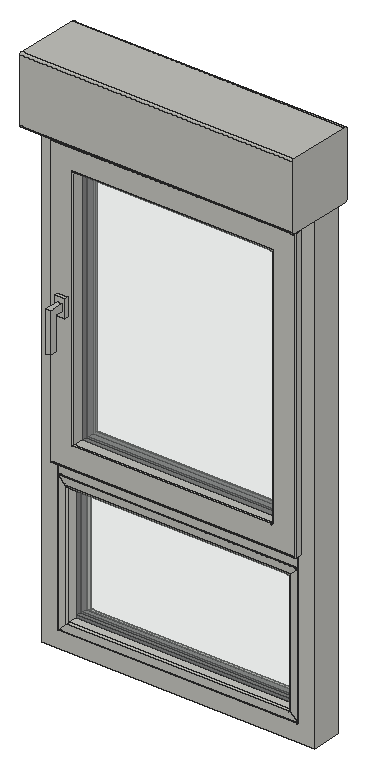
Revit family "2021_ES_Ventana_Replus_RE80-PVC-i30-11100_Cajon-Persiana", category Windows, host Wall, Revit 2021
Family settings
  Host = Wall
  OmniClass Number = 23.30.20.00
  OmniClass Title = Windows
  Always vertical = Yes
  Cut with Voids When Loaded = No
  Shared = No
  Room Calculation Point = No
Parameters (values of type "11100")
  Ι_Wll Thcknss [instance] = 200.000 mm
  Ι_Wdth Cntrl = if(Width < 429.000 mm, 429.000 mm, if(Width > 1514.000 mm, 1514.000 mm, Width))  # 750.000 mm
  Ι_Ssh Wdth = Ι_Wdth Cntrl - 2 * 36.800 mm  # 676.400 mm
  Ι_Ssh Hght = if(Altura de hoja < 165.000 mm, 165.000 mm, if(Altura de hoja > Ι_Hght Cntrl - 2.000 mm * 36.8 - Ι_Fxd Hght - 17.700 mm + 40.000 mm, Ι_Hght Cntrl - 2.000 mm * 36.8 - Ι_Fxd Hght - 17.700 mm + 40.000 mm, Ι_Hght Cntrl - 2.000 mm * 36.8 - Ι_Fxd Hght - 17.700 mm + 40.000 mm))  # 799.700 mm
  Ι_Nst Cntrl [instance] = if(Retranqueo > Ι_Wll Thcknss - 80.000 mm, Ι_Wll Thcknss - 80.000 mm, if(Retranqueo = Ι_Wll Thcknss - 80.000 mm, Ι_Wll Thcknss - 80.000 mm, Retranqueo))  # 0.000 mm
  Ι_Hndl Hght Cntrl = if(Altura de Manilla < 120.000 mm, 120.000 mm, if(Altura de Manilla > Ι_Ssh Hght - 50.000 mm, Ι_Ssh Hght - 50.000 mm, Altura de Manilla))  # 400.000 mm
  Ι_Hght Cntrl = if(Height < 429.000 mm, 429.000 mm, if(Height > 2658.000 mm, 2658.000 mm, Height))  # 1300.000 mm
  Ι_Fxd Hght Cntrl = Ι_Hght Cntrl - Ι_Ssh Hght - 51.000 mm  # 449.300 mm
  Ι_Fxd Hght = if((Ι_Hght Cntrl - Altura de hoja - 51.000 mm) < 173.000 mm, 173.000 mm, Ι_Hght Cntrl - Altura de hoja - 51.000 mm)  # 449.000 mm
  Ι_Frm Wdth Cntrl = Ι_Wdth Cntrl  # 750.000 mm
  Ι_Frm Hght Cntrl = Ι_Hght Cntrl  # 1300.000 mm
  Zona = ""
  Visibilidad Líneas Apertura - Planta = yes
  Visibilidad Líneas Apertura - Alzado = yes
  Vida Util Esperada = ""
  Version Estandar GDO-BIM = "GDO-BIM V02"  # constant formula
  Version = "RVT2021"  # constant formula
  Verano de transmitancia termica = 0
  Unidad Medicion = ""
  Unidad = ""
  Uniclass2015 Titulo = ""
  Uniclass2015 Codigo = ""
  URL de Declaracion de Prestaciones = ""
  URL Producto = "https://replus.es/bim/"
  URL Perfil BIM = "https://bimetica.com/es/objeto-bim-replus-ventana-re80-pvc-i30-1-hoja-oscilobatiente-fijo-inferior-cajon-persiana-11102.html"
  URL = "https://replus.es/"
  UNSPSC Titulo = "Windows"  # constant formula
  UNSPSC Codigo = "30171600"  # constant formula
  Transmitancia termica invierno = 0
  Transmitancia solar = 0
  Transmitancia de ganancia de calor solar = 0
  Transmision de luz visible = 0
  Titular = "Regicarp, S.L."  # constant formula
  Tipo Embalaje Proteccion = ""
  Tiene antepecho interno = no
  Tiene antepecho externo = no
  Tiempo Util De Vida = ""
  Tiempo Medio Entre Fallos = ""
  Telefono Contacto = "+34 966544310"  # constant formula
  Soporte tecnico BIM = "https://bimsupport.info/es/fabricantes/regicarp-replus-bim/"
  Sistema = ""
  Serie = ""
  Responsable Seguridad = ""
  Responsable Prescripcion = ""
  Responsable Compra = ""
  Residuos Peligrosos por Unidad = 0
  Residuos No Peligrosos por Unidad = 0
  Residuo Radioactivo por Unidad = 0
  Residuo Inerte por Unidad = 0
  Reflectancia solar = 0
  Reflectancia de luz visible = 0
  Referencia Unidad Funcional = ""
  Referencia Lote = ""
  Referencia Contacto Soporte Tecnico = ""
  Referencia Contacto Comercial Venta = ""
  Referencia = "RE 80/PVC/i30"
  Punto de Contacto = ""
  Proteccion con Malla = no
  Plataforma descaga contenido BIM = "www.bimetica.com"
  Periodo Garantia = ""
  Partida URL = ""
  Pais de Venta = ""
  Omniclass Titulo = "Plastic Windows"  # constant formula
  Omniclass Codigo = "23-17 13 17"  # constant formula
  Numero de Licencia = "XXXXXXXX8182 / No-aportada por bimboject AB (anterior)"  # constant formula
  Numero de Declaracion de Prestaciones = ""
  Numero Serie = ""
  Numero Articulo Global Comercial = ""
  Numero Articulo = ""
  Nivel de Riesgo = ""
  Material Envoltura = ""
  Material Contenedor = ""
  Material = PVC - Replus - 9152 - White
  Masterformat Titulo = "Plastic Windows"  # constant formula
  Masterformat Codigo = "08 53 00"  # constant formula
  Marcado CE = no
  Mantenimiento = ""
  Lugar Ensamblaje = ""
  Instrucciones Especiales = ""
  Informacion Tecnica = ""
  IfcExportType = "Oscilobatiente"
  IfcExportAs = "IfcWindow"  # constant formula
  Identificador Garantia = ""
  Historial = "(RVT2021) Actualización GDO-BIM (RVT2015) Creacion de Elemento"  # constant formula
  Gubimclass Titulo = "Ventanas de fachadas"  # constant formula
  Gubimclass Codigo = "30.10.20.10"  # constant formula
  Gas de Relleno = ""
  Garantia Extendida = no
  Fuente Datos LCA = ""
  Formacion Fotoquimica Ozono por Unidad = 0
  Fecha Vencimiento Elemento BIM = ""
  Fecha Suministro = ""
  Fecha Inicio Garantia = ""
  Fecha Fin Garantia = ""
  Fecha Evaluacion = ""
  Fecha Emision Elemento BIM = ""
  Fecha Compra = ""
  Fecha Colocacion = ""
  Fase Ciclo Vida = ""
  Falta de Recursos por Unidad = 0
  Exclusiones = ""
  Eutrofizacion por Unidad = 0
  Etiqueta Modelo = ""
  Estandar seguridad = ""
  Espesor de vidrio 3 = 0.000 mm
  Espesor de vidrio 2 = 0.000 mm
  Espesor de vidrio 1 = 0.000 mm
  Espacio libre acceso = 0.000 mm
  Espacio = ""
  Es templado = no
  Es recubierto = no
  Es laminado = no
  Es Exterior = yes
  Es Accesible = no
  Energia consumida = 0
  Energia Renovable Consumida por Unidad = 0
  Energia Primaria Total Consumida por Unidad = 0
  Energia No Renovable Consumida por Unidad = 0
  Email Contacto = "info@replus.es"  # constant formula
  Destruccion Capa Ozono Estratosferica por Unidad = 0
  Descripcion Evaluacion = ""
  Dependiente De = ""
  Declaracion Ambiental de Producto URL = ""
  Creditos LEED = ""
  Creditos BREEAM = ""
  Coste Mantenimiento = 0
  Contenido Garantia = ""
  Contacto = ""
  Condiciones de Venta = ""
  Condiciones Evaluacion = ""
  Color de vidrio = ""
  Coeficiente de sombreado = 0
  Codigo Barras = ""
  Codigo = ""
  Clasificacion de carga de viento = ""
  Capas de vidrio = 0
  Cambio Climatico por Unidad = 0
  COBie Categoria = "IfcWindow"
  Base Precio Producto 03 = ""
  Base Precio Producto 02 = ""
  Base Precio Producto 01 = ""
  Autor = "Bimetica Parametric Design Services S.L. (actual) / bimobject AB (anterior)"  # constant formula
  Ano Produccion = ""
  Rough Width = Ι_Wdth Cntrl + 2 * Hueco  # 770.000 mm
  Altura minima requerida = 0.000 mm
  Rough Height = Ι_Hght Cntrl + 2 * Hueco  # 1320.000 mm
  Retranqueo [instance] = 0.000 mm
  Product Material = PVC - Replus - 9152 - White
  Model = "11100"
  Material secondary = "Glass"
  Material main = "PVC"
  Manufacturer = "Replus"
  Keynote = "08500"
  Hueco = 10.000 mm
  Height = 1300.000 mm
  Exceso Dimensiones = or(and(Height < 429.000 mm, Advertencia Dimensión), and(Width < 429.000 mm, Advertencia Dimensión), and(Width > 1514.000 mm, Advertencia Dimensión), and(Height > 2658.000 mm, Advertencia Dimensión))  # no
  Edition number = 1
  Description = "Perfiles de hoja oculta en PVC, mejorando sustancialmente el campo visual, con triple junta (mediante junta rigida en el marco) protegiendo de esta manera todos los puntos de cierre, aumentando la seguridad y proporcionando una junta perimetral completa, con perfilería de clasificación máxima S-II-A"
  Default Sill Height = 800.000 mm
  Wall Closure = By host
  Width = 750.000 mm
  Assembly Code = "B2020100"
  Analytic Construction = "<None>"
  Altura de hoja = 800.000 mm
  Altura de Manilla = 400.000 mm
  Agua Consumida por Unidad = 0
  Advertencia Dimensión = yes
  Acidificacion Atmosferica por Unidad = 0
  Acabado = ""
  Absorcion solar = 0
Reference planes
  plane 1 "Center (Front/Back)": y = 0
  plane 2 "Center (Left/Right)": x = 0
  plane 3 "Left": x = -385
  plane 4 "Right": x = 385
  plane 5 "Sill": z = 800
  plane 6 "Head": z = 2305
  plane 7 "Exterior": y = 100
  plane 8 "Interior": y = -100
  plane 9: x = -375
  plane 10: x = 375
  plane 11 "Inset": y = -20
  plane 12: z = 2110
  plane 13: z = 810
  plane 14 "Central Profile": x = 0
  plane 15: z = 1259
  plane 16: z = 2058.811
  plane 17: z = 861.189
  plane 18: y = -38.5
  plane 19: x = -338.2
  plane 20: x = 338.2
  plane 21: z = 2073.2
  plane 22: z = 1377.736
  plane 23: z = 1374.811
  plane 24: z = 882.435
  plane 25: z = 2573.491
  plane 26: z = 2565.491
  plane 27: z = 1015.491
  plane 28: z = 1673.5
  plane 29: x = 53
  plane 30: x = -53
  plane 31: x = 303.2
  plane 32: x = -303.2
  plane 33: y = 500
  plane 34: y = -100
  plane 35: z = 1273.5
  plane 36: z = 1337.5
  plane 37: z = 2009.2
  plane 38: x = -274.2
  plane 39: x = 274.2
  plane 40 "glass": y = -57
  plane 41: y = 10
  plane 42: z = 2295
Lines and regions (mm)
  Opening 1
    outline origin (3500, -100, 0) x (1, 0, 0) y (0, 0, 1)
      loop
        line (-3115, 800) -> (-3115, 2305) -> (-3885, 2305) -> (-3885, 800) -> (-3115, 800)
  symbolic lines, style "Hidden Lines Black", visible <- "Visibilidad Líneas Apertura - Alzado"
    curve 1: line (-274.2, -20, 1673.5) -> (274.2, -20, 2009.2)
    curve 2: line (-274.2, -20, 1673.5) -> (274.2, -20, 1337.5)
    curve 3: line (0, -20, 2009.2) -> (-274.2, -20, 1337.5)
    curve 4: line (274.2, -20, 1337.5) -> (0, -20, 2009.2)
  symbolic lines, visible <- "Visibilidad Líneas Apertura - Planta"
    curve 5: line (-338.2, -100, 0) -> (-338.2, -776.548, 0)
    curve 6: arc (-338.2, -776.548, 0) -> (140.791, -578.74, 0) -> (339.208, -100, 0) r 676.4
  model lines, style "Hidden Lines Black", visible <- "Visibilidad Líneas Apertura - Alzado"
    curve 7: line (0, -57, 2009.2) -> (-274.2, -57, 1337.5)
    curve 8: line (274.2, -57, 1337.5) -> (0, -57, 2009.2)
    curve 9: line (274.2, -57, 2009.2) -> (-274.2, -57, 1673.5)
    curve 10: line (-274.2, -57, 1673.5) -> (274.2, -57, 1337.5)
Text (mm)
  text "EXTERIOR" at (-1963.203, 1332.353, 0), in view "Ref. Level"
  text "INTERIOR" at (-1981.466, -818.386, 0), in view "Ref. Level"
  text "Exterior" at (0, 923.751, 2943.296), in view "Right"
  text "Exterior" at (0, 1040.484, 2685.409), in view "Left"
Dimensions and locks
  equal spacing: plane 3 "Left", plane 2 "Center (Left/Right)", plane 4 "Right"
  "Ι_Wdth Cntrl": plane 9 to plane 10
  "Ι_Hght Cntrl": plane 13 to plane 12
  "Default Sill Height": plane 5 "Sill" to level
  locked: plane 7 "Exterior" to host wall
  locked: plane 8 "Interior" to host wall
  "Hueco": plane 3 "Left" to plane 9
  "Hueco": plane 10 to plane 4 "Right"
  "Hueco": plane 13 to plane 5 "Sill"
  equal spacing: plane 9, plane 14 "Central Profile", plane 10
  "Ι_Fxd Hght": plane 15 to plane 13
  locked: plane 12 to plane 16 at 51.189
  locked: plane 17 to plane 13 at 51.189
  locked: plane 11 "Inset" to plane 18 at 18.5
  locked: plane 9 to plane 19 at 36.8
  locked: plane 20 to plane 10 at 36.8
  locked: plane 12 to plane 21 at 36.8
  plane 12 to plane 21 = 36.800 mm
  "Ι_Wll Thcknss": host wall to host wall
  locked: plane 2 "Center (Left/Right)" to plane 29 at 53
  locked: plane 30 to plane 2 "Center (Left/Right)" at 53
  locked: plane 31 to plane 20 at 35
  locked: plane 19 to plane 32 at 35
  plane 20 to plane 10 = 36.800 mm
  locked: plane 33 to plane 7 "Exterior" at 400
  locked: plane 18 to plane 34 at 61.5
  "Ι_Nst Cntrl": plane 8 "Interior" to plane 34
  "Ι_Ssh Hght": plane 21 to plane 35
  "Ι_Hndl Hght Cntrl": plane 28 to plane 35
  locked: plane 16 to plane 37 at 49.611
  locked: plane 38 to plane 32 at 29
  locked: plane 39 to plane 31 at 29
  locked: plane 18 to plane 40 "glass" at 18.5
  locked: plane 36 to plane 35 at 64
  locked: plane 41 to plane 11 "Inset" at 30
  locked: plane 42 to plane 12 at 185
  "Hueco": plane 6 "Head" to plane 42
  "Ι_Ssh Wdth": radius of curve 6
  aligned and locked: nested 2 to plane 11 "Inset"
  aligned and locked: nested 2 to plane 2 "Center (Left/Right)"
  aligned and locked: plane 19 to nested 1
  aligned and locked: nested 1 to plane 18
  aligned and locked: plane 21 to nested 1
  aligned and locked: plane 12 to nested 2
  aligned and locked: plane 14 "Central Profile" to curve 4
  aligned and locked: nested 4 to plane 33
  aligned and locked: nested 4 to plane 2 "Center (Left/Right)"
  aligned and locked: plane 37 to curve 3
  aligned and locked: plane 37 to curve 1
  aligned and locked: plane 39 to curve 1
  aligned and locked: plane 36 to curve 4
  aligned and locked: plane 39 to curve 4
  aligned and locked: plane 38 to curve 3
  aligned and locked: plane 36 to curve 3
  aligned and locked: curve 5 to plane 19
  aligned and locked: plane 34 to curve 5
  aligned and locked: plane 19 to curve 6
  aligned and locked: plane 34 to curve 6
  aligned and locked: plane 28 to curve 10
  aligned and locked: plane 38 to curve 9
  aligned and locked: plane 32 to nested 3
  aligned and locked: plane 28 to nested 3
  aligned and locked: plane 14 "Central Profile" to nested 5
  aligned and locked: nested 5 to plane 12
  aligned and locked: plane 41 to nested 5
Automatic sketch dimensions
  Opening 1 sketch curve to plane 3 "Left" = 0.000 mm
  Opening 1 sketch curve to plane 4 "Right" = 0.000 mm
  Opening 1 sketch curve to plane 5 "Sill" = 0.000 mm
  Opening 1 sketch curve to plane 6 "Head" = 0.000 mm
  curve 2 to plane 28 = 0.000 mm
  curve 2 to plane 38 = 0.000 mm
  plane 39 to curve 10 = 0.000 mm
  curve 8 to plane 36 = 0.000 mm
  curve 9 to plane 37 = 0.000 mm
  plane 39 to curve 9 = 0.000 mm
  plane 2 "Center (Left/Right)" to curve 8 = 0.000 mm
  curve 7 to plane 36 = 0.000 mm
  curve 8 to plane 37 = 0.000 mm
  curve 7 to plane 38 = 0.000 mm
  host wall to curve 6 = 0.149 mm
  plane 19 to curve 6 = 1.008 mm
Nested families
  nested 1: "Leaf" at (0, -38.5, 1273.5), type "Leaf"
  nested 2: "Frame" at (0, -20, 810), type "Frame"
  nested 3: "Handle" at (-303.2, -118.5, 1673.5) x (-1, 0, 0) z (0, -1, 0), type "Handle", detail levels medium+fine
  nested 4: "Dimensions Overconstraint Warning" at (0, 500, 0), visible <- "Exceso Dimensiones", type "Dimensions Overconstraint Warning"
  nested 5: "Shutter Box - Replus" at (0, -82.5, 2110), type "Shutter Box - Replus"
    with Width 750.000 mm
Definition of nested family "Leaf"
  Parameters (values of type "Leaf")
    Width = 676.400 mm
    Product Material = none
    Height = 799.700 mm
    Analytic Construction = "<None>"
  Reference planes
    plane 1 "Center (Front/Back)": y = 0
    plane 2: z = 0
    plane 3 "Center (Left/Right)": x = 0
    plane 4: x = -338.2
    plane 5: x = 338.2
    plane 6: z = 799.7
    plane 7: x = -278.2
    plane 8: x = 278.2
    plane 9: z = 751.7
    plane 10: z = 48
    plane 11: y = -65.804
    plane 12: x = 290.2
    plane 13: x = -274.2
    plane 14: x = 274.2
    plane 15: z = 748.705
    plane 16: z = 50.995
    plane 17: z = 64
    plane 18: z = 735.7
    plane 19: y = -40
    plane 20: y = -4
    plane 21: y = -8
    plane 22: y = -26
    plane 23: y = -30
    plane 24: y = -48
    plane 25: y = -52
    plane 26: x = -290.2
    plane 27: x = -284.2
    plane 28: x = 284.2
    plane 29: z = 745.7
    plane 30: z = 54
    plane 31: x = -295.2
    plane 32: x = 295.2
    plane 33: z = 756.7
    plane 34: z = 43
  Forms (mm)
    Sweep 1, solid, material <- "Product Material", detail levels coarse
      path origin (0, 0, 0) x (1, 0, 0) y (0, 0, 1)
        loop
          line (-338.2, 799.7) -> (-338.2, 0) -> (338.2, 0) -> (338.2, 799.7) -> (-338.2, 799.7)
      profile origin (-338.2, 0, 399.85) x (-1, 0, 0) y (0, -1, 0)
        loop
          line (-20, 56.6) -> (-20, 61.5) -> (-7.5, 61.5) -> (0, 61.5) -> (0, 80) -> (-64, 80) -> (-64, 0) -> (-43, 0) -> (-40.495, 0) -> (-20, 0) -> (-20, 56.6)
    Sweep 2, solid, material <- "Product Material", detail levels fine
      path origin (0, 0, 0) x (1, 0, 0) y (0, 0, 1)
        loop
          line (-338.2, 799.7) -> (-338.2, 0) -> (338.2, 0) -> (338.2, 799.7) -> (-338.2, 799.7)
      profile origin (-338.2, 0, 399.85) x (-1, 0, 0) y (0, -1, 0)
        loop
          line (-33, 14) -> (-33, 23.5) -> (-27.5, 23.5) -> (-20, 23.5) -> (-20, 61.5) -> (-7.5, 61.5) -> (0, 61.5) -> (0, 77)
          arc (0, 77) -> (-0.879, 79.121) -> (-3, 80) r 3
          line (-3, 80) -> (-61, 80)
          arc (-61, 80) -> (-63.121, 79.121) -> (-64, 77) r 3
          line (-64, 77) -> (-64, 52) -> (-43, 52) -> (-43, 4) -> (-40.495, 4) -> (-33, 4) -> (-33, 14)
    Sweep 3, solid, material <- "Product Material", detail levels medium
      path origin (0, 0, 0) x (1, 0, 0) y (0, 0, 1)
        loop
          line (-338.2, 799.7) -> (-338.2, 0) -> (338.2, 0) -> (338.2, 799.7) -> (-338.2, 799.7)
      profile origin (-338.2, 0, 399.85) x (-1, 0, 0) y (0, -1, 0)
        loop
          line (-20, 23.5) -> (-20, 61.5) -> (0, 61.5) -> (0, 80) -> (-64, 80) -> (-64, 52) -> (-43, 52) -> (-43, 4) -> (-33, 4) -> (-33, 23.5) -> (-20, 23.5)
    Extrusion 4, solid, detail levels fine
      sketch origin (0, 0, 0) x (1, 0, 0) y (0, 1, 0)
        loop
          line (-290.2, -4) -> (-290.2, -8) -> (290.2, -8) -> (290.2, -4) -> (-290.2, -4)
        loop
          line (-290.2, -26) -> (-290.2, -30) -> (290.2, -30) -> (290.2, -26) -> (-290.2, -26)
        loop
          line (-290.2, -48) -> (-290.2, -52) -> (290.2, -52) -> (290.2, -48) -> (-290.2, -48)
      from 48 to 751.7
    Extrusion 5, solid, detail levels medium
      sketch origin (0, 0, 0) x (1, 0, 0) y (0, 1, 0)
        loop
          line (-295.2, -4) -> (-295.2, -52) -> (295.2, -52) -> (295.2, -4) -> (-295.2, -4)
      from 43 to 756.7
    Sweep 6, solid, detail levels fine
      path origin (0, 0, 0) x (1, 0, 0) y (0, 0, 1)
        loop
          line (-284.2, 745.7) -> (-284.2, 54) -> (284.2, 54) -> (284.2, 745.7) -> (-284.2, 745.7)
      profile origin (-284.2, 0, 399.85) x (-1, 0, 0) y (0, -1, 0)
        loop
          line (0, 8) -> (0, 26) -> (-6, 26) -> (-6, 8) -> (0, 8)
        loop
          line (0, 30) -> (0, 48) -> (-6, 48) -> (-6, 30) -> (0, 30)
    Extrusion 7, solid, detail levels coarse
      sketch origin (0, 0, 0) x (1, 0, 0) y (0, 1, 0)
        loop
          line (-274.2, 0) -> (-274.2, -80) -> (274.2, -80) -> (274.2, 0) -> (-274.2, 0)
      from 64 to 735.7
    Sweep 8, solid, detail levels medium+fine
      path origin (0, 0, 0) x (1, 0, 0) y (0, 0, 1)
        loop
          line (-338.2, 799.7) -> (-338.2, 0) -> (338.2, 0) -> (338.2, 799.7) -> (-338.2, 799.7)
      profile origin (-338.2, 0, 399.85) x (-1, 0, 0) y (0, -1, 0)
        loop
          line (-33, 0) -> (-33, 4) -> (-64, 4) -> (-64, 0) -> (-33, 0)
  Lines and regions (mm)
    symbolic lines, detail levels coarse
      curve 1: line (-274.2, -40, 0) -> (274.2, -40, 0)
      curve 2: line (0, -40, 735.7) -> (0, -40, 64)
  Dimensions and locks
    equal spacing: plane 4, plane 3 "Center (Left/Right)", plane 5
    "Width": plane 4 to plane 5
    "Height": plane 6 to plane 2
    locked: plane 4 to plane 7 at 60
    locked: plane 8 to plane 5 at 60
    locked: plane 6 to plane 9 at 48
    locked: plane 10 to plane 2 at 48
    locked: plane 8 to plane 12 at 12
    locked: plane 7 to plane 13 at 4
    locked: plane 14 to plane 8 at 4
    locked: plane 6 to plane 15 at 50.995
    locked: plane 16 to plane 2 at 50.995
    locked: plane 15 to plane 18 at 13.005
    locked: plane 17 to plane 16 at 13.005
    locked: plane 19 to plane 1 "Center (Front/Back)" at 40
    plane 25 to plane 24 to plane 23 to plane 22 to plane 21 to plane 20 to plane 1 "Center (Front/Back)" = 4.000 mm locked, 18.000 mm locked, 4.000 mm locked, 18.000 mm locked, 4.000 mm locked, 4.000 mm locked
    locked: plane 26 to plane 7 at 12
    locked: plane 26 to plane 27 at 6
    locked: plane 28 to plane 12 at 6
    locked: plane 6 to plane 29 at 54
    locked: plane 30 to plane 2 at 54
    locked: plane 31 to plane 26 at 5
    locked: plane 12 to plane 32 at 5
    locked: plane 33 to plane 29 at 11
    locked: plane 30 to plane 34 at 11
    aligned and locked: level to plane 2
    aligned and locked: Sweep 1 sketch curve to plane 6
    aligned and locked: plane 4 to Sweep 1 sketch curve
    aligned and locked: plane 5 to Sweep 1 sketch curve
    aligned and locked: plane 2 to Sweep 1 sketch curve
    aligned and locked: Sweep 2 sketch curve to plane 6
    aligned and locked: plane 4 to Sweep 2 sketch curve
    aligned and locked: plane 5 to Sweep 2 sketch curve
    aligned and locked: plane 2 to Sweep 2 sketch curve
    aligned and locked: Sweep 3 sketch curve to plane 6
    aligned and locked: plane 4 to Sweep 3 sketch curve
    aligned and locked: plane 5 to Sweep 3 sketch curve
    aligned and locked: plane 2 to Sweep 3 sketch curve
    aligned and locked: plane 9 to Extrusion 4
    aligned and locked: Extrusion 4 to plane 10
    aligned and locked: plane 1 "Center (Front/Back)" to Extrusion 7 sketch curve
    aligned and locked: Extrusion 7 sketch curve to plane 13
    aligned and locked: Extrusion 7 sketch curve to plane 14
    aligned and locked: plane 18 to Extrusion 7
    aligned and locked: Extrusion 7 to plane 17
    aligned and locked: plane 19 to curve 1  (x2)
    aligned and locked: plane 14 to curve 1
    aligned and locked: plane 13 to curve 1
    aligned and locked: plane 17 to curve 2
    aligned and locked: plane 19 to curve 2  (x2)
    aligned and locked: plane 18 to curve 2
    aligned and locked: plane 4 to Sweep 8 sketch curve
    aligned and locked: plane 5 to Sweep 8 sketch curve
    aligned and locked: Sweep 8 sketch curve to plane 6
    aligned and locked: plane 2 to Sweep 8 sketch curve
    aligned and locked: Extrusion 4 sketch curve to plane 26  (x3)
    aligned and locked: Extrusion 4 sketch curve to plane 21
    aligned and locked: plane 20 to Extrusion 4 sketch curve
    aligned and locked: plane 22 to Extrusion 4 sketch curve
    aligned and locked: Extrusion 4 sketch curve to plane 23
    aligned and locked: plane 24 to Extrusion 4 sketch curve
    aligned and locked: Extrusion 4 sketch curve to plane 25
    aligned and locked: plane 20 to Extrusion 5 sketch curve
    aligned and locked: Extrusion 5 sketch curve to plane 25
    aligned and locked: Extrusion 4 sketch curve to plane 12  (x3)
    aligned and locked: Sweep 6 sketch curve to plane 27
    aligned and locked: Sweep 6 sketch curve to plane 28
    aligned and locked: Sweep 6 sketch curve to plane 29
    aligned and locked: plane 30 to Sweep 6 sketch curve
    aligned and locked: Extrusion 5 sketch curve to plane 31
    aligned and locked: Extrusion 5 sketch curve to plane 32
    aligned and locked: plane 33 to Extrusion 5
    aligned and locked: Extrusion 5 to plane 34
  Automatic sketch dimensions
    plane 11 to Extrusion 7 sketch curve = 14.196 mm
    Sweep 2 sketch curve to profile plane = 0.000 mm
    profile plane to Sweep 2 sketch curve = 3.000 mm
    profile plane to Sweep 2 sketch curve = 7.500 mm
    Sweep 2 sketch curve to Sweep 2 sketch curve = 12.500 mm
    Sweep 2 sketch curve to Sweep 2 sketch curve = 7.500 mm
    plane 1 "Center (Front/Back)" to Sweep 2 sketch curve = 4.000 mm
    Sweep 2 sketch curve to Sweep 2 sketch curve = 5.500 mm
    Sweep 2 sketch curve to Sweep 2 sketch curve = 7.495 mm
    Sweep 2 sketch curve to Sweep 2 sketch curve = 2.505 mm
    Sweep 2 sketch curve to Sweep 2 sketch curve = 18.000 mm
    Sweep 2 sketch curve to Sweep 2 sketch curve = 3.000 mm
    Sweep 2 sketch curve to Sweep 2 sketch curve = 10.000 mm
    Sweep 2 sketch curve to Sweep 2 sketch curve = 9.500 mm  (x2)
    Sweep 2 sketch curve to Sweep 2 sketch curve = 28.500 mm
    Sweep 2 sketch curve to Sweep 2 sketch curve = 25.000 mm
    Sweep 3 sketch curve to profile plane = 0.000 mm
    profile plane to Sweep 3 sketch curve = 20.000 mm
    Sweep 3 sketch curve to Sweep 3 sketch curve = 13.000 mm
    Sweep 3 sketch curve to Sweep 3 sketch curve = 23.000 mm
    Sweep 3 sketch curve to Sweep 3 sketch curve = 21.000 mm
    plane 1 "Center (Front/Back)" to Sweep 3 sketch curve = 4.000 mm
    Sweep 3 sketch curve to Sweep 3 sketch curve = 19.500 mm
    Sweep 3 sketch curve to Sweep 3 sketch curve = 28.500 mm
    Sweep 3 sketch curve to Sweep 3 sketch curve = 9.500 mm
    Sweep 3 sketch curve to Sweep 3 sketch curve = 28.000 mm
    plane 1 "Center (Front/Back)" to Sweep 1 sketch curve = 0.000 mm
    Sweep 1 sketch curve to profile plane = 0.000 mm
    Sweep 1 sketch curve to Sweep 1 sketch curve = 7.500 mm
    profile plane to Sweep 1 sketch curve = 20.000 mm
    Sweep 1 sketch curve to Sweep 1 sketch curve = 20.495 mm
    Sweep 1 sketch curve to Sweep 1 sketch curve = 2.505 mm
    Sweep 1 sketch curve to Sweep 1 sketch curve = 21.000 mm
    Sweep 1 sketch curve to Sweep 1 sketch curve = 56.600 mm
    Sweep 1 sketch curve to Sweep 1 sketch curve = 4.900 mm
    Sweep 1 sketch curve to Sweep 1 sketch curve = 18.500 mm
    plane 1 "Center (Front/Back)" to Sweep 8 sketch curve = 0.000 mm
    profile plane to Sweep 8 sketch curve = 64.000 mm
    plane 1 "Center (Front/Back)" to Sweep 8 sketch curve = 4.000 mm
    Sweep 8 sketch curve to Sweep 8 sketch curve = 31.000 mm
    profile plane to Sweep 6 sketch curve = 6.000 mm
    plane 1 "Center (Front/Back)" to Sweep 6 sketch curve = 8.000 mm
    Sweep 6 sketch curve to Sweep 6 sketch curve = 0.000 mm  (x2)
    Sweep 6 sketch curve to Sweep 6 sketch curve = 6.000 mm
    Sweep 6 sketch curve to Sweep 6 sketch curve = 18.000 mm  (x2)
    Sweep 6 sketch curve to Sweep 6 sketch curve = 4.000 mm
Definition of nested family "Frame"
  Parameters (values of type "Frame")
    Width = 750.000 mm
    Product Material = none
    Height = 1300.000 mm
    Fixed Leaf Height = 449.300 mm
    Analytic Construction = "<None>"
  Reference planes
    plane 1 "Center (Front/Back)": y = 0
    plane 2: z = 0
    plane 3 "Center (Left/Right)": x = 0
    plane 4: x = -375
    plane 5: x = 375
    plane 6: z = 1300
    plane 7 "Central Profile": x = 0
    plane 8: z = 449.3
    plane 9: x = -330.2
    plane 10: x = 330.2
    plane 11: x = -337.2
    plane 12: x = 337.2
    plane 13 "1": x = -310.1
    plane 14 "2": x = 310.1
    plane 15: z = 44.8
    plane 16: x = -298.1
    plane 17: x = 298.1
    plane 18: z = 76.935
    plane 19: x = -315.1
    plane 20: x = 315.1
    plane 21: y = -18.5
    plane 22: y = -36.5
    plane 23: y = -40.5
    plane 24: y = -54.5
    plane 25: y = -58.5
    plane 26: y = -22.5
    plane 27: y = -62.518
    plane 28 "G1": z = 65.811
    plane 29: x = -309.1
    plane 30: x = 309.1
    plane 31: z = 464
    plane 32: z = 1263.2
    plane 33: z = 471.791
    plane 34 "3": x = 311.422
    plane 35 "4": x = -311.422
    plane 36: z = 394.673
    plane 37: z = 434.6
    plane 38: z = 427.55
    plane 39: z = 411.798
    plane 40 "m": z = 405.798
    plane 41: z = 1248.811
    plane 42: z = 478.18
    plane 43: z = 56.8
    plane 44: x = -305.2
    plane 45: x = 305.2
    plane 46: z = 71.811
    plane 47 "g": z = 69.8
    plane 48: y = -49.25
  Forms (mm)
    Sweep 1, solid, material <- "Product Material", detail levels fine
      path origin (0, 0, 0) x (1, 0, 0) y (0, 0, 1)
        loop
          line (-375, 1300) -> (-375, 0) -> (375, 0) -> (375, 1300) -> (-375, 1300)
      profile origin (-375, 0, 650) x (-1, 0, 0) y (0, -1, 0)
        loop
          line (0, 80) -> (-43.8, 80)
          arc (-43.8, 80) -> (-44.507, 79.707) -> (-44.8, 79) r 1
          line (-44.8, 79) -> (-44.8, 38) -> (-63.811, 38) -> (-63.811, 18.5) -> (-75.767, 18.5)
          arc (-75.767, 18.5) -> (-76.56, 18.109) -> (-76.733, 17.241) r 1
          line (-76.733, 17.241) -> (-72.709, 2.224)
          arc (-72.709, 2.224) -> (-71.637, 0.62) -> (-69.811, 0) r 3
          line (-69.811, 0) -> (0, 0) -> (0, 80)
    Sweep 2, solid, material <- "Product Material", detail levels coarse
      path origin (0, 0, 0) x (1, 0, 0) y (0, 0, 1)
        loop
          line (-375, 1300) -> (-375, 0) -> (375, 0) -> (375, 1300) -> (-375, 1300)
      profile origin (-375, 0, 650) x (-1, 0, 0) y (0, -1, 0)
        loop
          line (0, 80) -> (-56.8, 80) -> (-56.8, 18.5) -> (-76.9, 18.5) -> (-76.9, 0) -> (0, 0) -> (0, 80)
    Sweep 3, solid, material <- "Product Material", detail levels medium
      path origin (0, 0, 0) x (1, 0, 0) y (0, 0, 1)
        loop
          line (-375, 1300) -> (-375, 0) -> (375, 0) -> (375, 1300) -> (-375, 1300)
      profile origin (-375, 0, 650) x (-1, 0, 0) y (0, -1, 0)
        loop
          line (0, 80) -> (-56.8, 80) -> (-56.8, 42) -> (-69.8, 42) -> (-69.8, 18.5) -> (-76.662, 18.5) -> (-76.662, 0) -> (0, 0) -> (0, 80)
    Sweep 4, solid, material <- "Product Material", detail levels fine
      path origin (0, 0, 0) x (1, 0, 0) y (0, 0, 1)
        loop
          line (-330.2, 449.3) -> (330.2, 449.3)
      profile "Profile 01 - Fijo Inferior - Center Frame : Profile 01 - Fijo Inferior - Center Frame" origin (0, 0, 449.3) x (0, 0, 1) y (0, -1, 0)
        loop
          arc (22.491, 79) -> (22.198, 79.707) -> (21.491, 80) r 1
          line (21.491, 80) -> (-20.645, 80)
          arc (-20.645, 80) -> (-21.352, 79.707) -> (-21.645, 79) r 1
          line (-21.645, 79) -> (-21.645, 75.579) -> (-21.645, 67.975) -> (-19.491, 67.975) -> (-19.491, 38) -> (-41.502, 38) -> (-41.502, 36.218) -> (-28.88, 28.93) -> (-28.88, 12.933) -> (-41.912, 12.933) -> (-42.694, 18.5) -> (-53.458, 18.5)
          arc (-53.458, 18.5) -> (-54.251, 18.109) -> (-54.424, 17.241) r 1
          line (-54.424, 17.241) -> (-50.4, 2.224)
          arc (-50.4, 2.224) -> (-49.328, 0.62) -> (-47.502, 0) r 3
          line (-47.502, 0) -> (47.502, 0)
          arc (47.502, 0) -> (49.328, 0.62) -> (50.4, 2.224) r 3
          line (50.4, 2.224) -> (54.424, 17.241)
          arc (54.424, 17.241) -> (54.251, 18.109) -> (53.458, 18.5) r 1
          line (53.458, 18.5) -> (42.694, 18.5) -> (41.912, 12.933) -> (28.88, 12.933) -> (28.88, 28.93) -> (41.502, 36.218) -> (41.502, 38) -> (19.491, 38) -> (19.491, 67.975) -> (22.491, 67.975) -> (22.491, 79)
    Sweep 5, solid, material <- "Product Material", detail levels coarse
      path origin (0, 0, 0) x (1, 0, 0) y (0, 0, 1)
        loop
          line (-330.2, 449.3) -> (330.2, 449.3)
      profile origin (0, 0, 449.3) x (0, 0, 1) y (0, -1, 0)
        loop
          line (-54.627, 80) -> (-54.627, 0) -> (34.2, 0) -> (34.2, 80) -> (-54.627, 80)
    Sweep 6, solid, material <- "Product Material", detail levels medium
      path origin (0, 0, 0) x (1, 0, 0) y (0, 0, 1)
        loop
          line (-330.2, 449.3) -> (330.2, 449.3)
      profile origin (0, 0, 449.3) x (0, 0, 1) y (0, -1, 0)
        loop
          line (-37.502, 18.5) -> (-53.689, 18.5) -> (-53.689, 0) -> (53.689, 0) -> (53.689, 18.5) -> (47.2, 18.5) -> (47.2, 42) -> (34.2, 42) -> (34.2, 80) -> (-33.7, 80) -> (-33.7, 66.307) -> (-36.236, 66.307) -> (-37.502, 65.04) -> (-37.502, 18.5)
    Sweep 7, solid, material <- "Product Material", detail levels fine
      path origin (0, 0, 0) x (1, 0, 0) y (0, 0, 1)
        loop
          line (-337.2, 434.6) -> (-337.2, 37.8) -> (337.2, 37.8) -> (337.2, 434.6) -> (-337.2, 434.6)
      profile origin (-337.2, 0, 236.2) x (-1, 0, 0) y (0, -1, 0)
        loop
          line (-8.15, 79.982) -> (-27.819, 79.284)
          arc (-27.819, 79.284) -> (-30.754, 78.201) -> (-32.47, 75.585) r 4.995
          line (-32.47, 75.585) -> (-37.048, 58.5) -> (-29.292, 58.5) -> (-21.486, 66.307) -> (-21.486, 69.507) -> (-7, 69.507) -> (-7, 76.2) -> (-7, 78.872)
          arc (-7, 78.872) -> (-7.339, 79.671) -> (-8.15, 79.982) r 1.111
    Sweep 8, solid, material <- "Product Material", detail levels medium
      path origin (0, 0, 0) x (1, 0, 0) y (0, 0, 1)
        loop
          line (-337.2, 434.6) -> (-337.2, 37.8) -> (337.2, 37.8) -> (337.2, 434.6) -> (-337.2, 434.6)
      profile origin (-337.2, 0, 236.2) x (-1, 0, 0) y (0, -1, 0)
        loop
          line (-19, 80) -> (-31.287, 80) -> (-37.048, 58.5) -> (-29.292, 58.5) -> (-21.486, 66.307) -> (-19, 66.307) -> (-19, 80)
    Extrusion 9, solid, detail levels fine
      sketch origin (0, 0, 0) x (1, 0, 0) y (0, 1, 0)
        loop
          line (-315.1, -18.5) -> (-315.1, -22.5) -> (315.1, -22.5) -> (315.1, -18.5) -> (-315.1, -18.5)
        loop
          line (-315.1, -36.5) -> (-315.1, -40.5) -> (315.1, -40.5) -> (315.1, -36.5) -> (-315.1, -36.5)
        loop
          line (-315.1, -54.5) -> (-315.1, -58.5) -> (315.1, -58.5) -> (315.1, -54.5) -> (-315.1, -54.5)
      from 65.811 to 411.798
    Extrusion 10, solid, detail levels coarse
      sketch origin (0, 0, 0) x (1, 0, 0) y (0, 1, 0)
        loop
          line (-315.1, -18.5) -> (-315.1, -80) -> (315.1, -80) -> (315.1, -18.5) -> (-315.1, -18.5)
      from 56.8 to 394.673
    Sweep 11, solid, detail levels fine
      path origin (0, 0, 0) x (1, 0, 0) y (0, 0, 1)
        loop
          line (-309.1, 405.798) -> (-309.1, 71.811) -> (309.1, 71.811) -> (309.1, 405.798) -> (-309.1, 405.798)
      profile "Profile 06 - Fijo Inferior - Metal Glass Seal Leaf Narrow FW - M : Profile 06 - Fijo Inferior - Metal Glass Seal Leaf Narrow" origin (0, 0, 405.798) x (0, 0, 1) y (0, -1, 0)
        loop
          line (-8, 36.5) -> (-8, 22.5) -> (0, 22.5) -> (0, 36.5) -> (-8, 36.5)
        loop
          line (-8, 54.5) -> (-8, 40.5) -> (0, 40.5) -> (0, 54.5) -> (-8, 54.5)
    Extrusion 12, solid, detail levels medium
      sketch origin (0, 0, 0) x (1, 0, 0) y (0, 1, 0)
        loop
          line (-305.2, -18.5) -> (-305.2, -58.5) -> (305.2, -58.5) -> (305.2, -18.5) -> (-305.2, -18.5)
      from 69.8 to 411.798
  Cuts and joins
    joined: Sweep 3, Sweep 6
    joined: Sweep 2, Sweep 5
  Lines and regions (mm)
    symbolic lines, detail levels coarse
      curve 1: line (0, -49.25, 394.673) -> (0, -49.25, 56.8)
  Dimensions and locks
    "Width": plane 4 to plane 5
    "Height": plane 6 to plane 2
    equal spacing: plane 4, plane 3 "Center (Left/Right)", plane 5
    equal spacing: plane 4, plane 7 "Central Profile", plane 5
    locked: plane 9 to plane 4 at 44.8
    locked: plane 10 to plane 5 at 44.8
    locked: plane 4 to plane 11 at 37.8
    locked: plane 12 to plane 5 at 37.8
    locked: plane 9 to plane 13 "1" at 20.1
    locked: plane 14 "2" to plane 10 at 20.1
    locked: plane 13 "1" to plane 16 at 12
    locked: plane 17 to plane 14 "2" at 12
    locked: plane 19 to plane 13 "1" at 5
    locked: plane 14 "2" to plane 20 at 5
    plane 25 to plane 24 to plane 23 to plane 22 to plane 26 to plane 21 to plane 1 "Center (Front/Back)" = 4.000 mm locked, 14.000 mm locked, 4.000 mm locked, 14.000 mm locked, 4.000 mm locked, 18.500 mm locked
    locked: plane 27 to plane 25 at 4.018
    locked: plane 19 to plane 29 at 6
    locked: plane 30 to plane 20 at 6
    locked: plane 6 to plane 32 at 36.8
    locked: plane 8 to plane 31 at 14.7
    locked: plane 33 to plane 31 at 7.791
    locked: plane 30 to plane 34 "3" at 2.322
    locked: plane 35 "4" to plane 29 at 2.322
    "Fixed Leaf Height": plane 8 to plane 2
    locked: plane 8 to plane 36 at 54.627
    locked: plane 8 to plane 37 at 14.7
    locked: plane 37 to plane 38 at 7.05
    plane 39 to plane 40 "m" to plane 36 = 6.000 mm locked, 11.125 mm locked
    locked: plane 6 to plane 41 at 51.189
    locked: plane 42 to plane 33 at 6.389
    locked: plane 43 to plane 15 at 12
    locked: plane 29 to plane 44 at 3.9
    locked: plane 45 to plane 30 at 3.9
    locked: plane 28 "G1" to plane 43 at 9.011
    locked: plane 46 to plane 28 "G1" at 6
    locked: Sweep 8 to plane 27 at 17.482
    locked: plane 46 to plane 47 "g" at 2.011
    locked: plane 21 to plane 48 at 30.75
    aligned and locked: level to plane 2
    aligned and locked: Sweep 1 sketch curve to plane 6
    aligned and locked: plane 4 to Sweep 1 sketch curve
    aligned and locked: plane 5 to Sweep 1 sketch curve
    aligned and locked: plane 2 to Sweep 1 sketch curve
    aligned and locked: plane 4 to Sweep 2 sketch curve
    aligned and locked: Sweep 2 sketch curve to plane 6
    aligned and locked: plane 5 to Sweep 2 sketch curve
    aligned and locked: plane 2 to Sweep 2 sketch curve
    aligned and locked: Sweep 3 sketch curve to plane 6
    aligned and locked: plane 4 to Sweep 3 sketch curve
    aligned and locked: plane 5 to Sweep 3 sketch curve
    aligned and locked: plane 2 to Sweep 3 sketch curve
    aligned and locked: plane 10 to Sweep 4 sketch curve
    aligned and locked: plane 9 to Sweep 4 sketch curve
    aligned and locked: plane 8 to Sweep 4 sketch curve
    aligned and locked: Sweep 5 sketch curve to plane 8
    aligned and locked: plane 8 to Sweep 5 sketch curve
    aligned and locked: plane 9 to Sweep 5 sketch curve
    aligned and locked: plane 10 to Sweep 5 sketch curve
    aligned and locked: Sweep 6 sketch curve to plane 8
    aligned and locked: plane 10 to Sweep 6 sketch curve
    aligned and locked: plane 8 to Sweep 6 sketch curve
    aligned and locked: plane 9 to Sweep 6 sketch curve
    aligned and locked: Sweep 7 sketch curve to plane 11
    aligned and locked: Sweep 7 sketch curve to plane 12
    aligned and locked: Sweep 8 sketch curve to plane 11
    aligned and locked: Sweep 8 sketch curve to plane 12
    aligned and locked: Extrusion 9 sketch curve to plane 20  (x3)
    aligned and locked: Extrusion 9 sketch curve to plane 19  (x3)
    aligned and locked: plane 22 to Extrusion 9 sketch curve
    aligned and locked: Extrusion 9 sketch curve to plane 23
    aligned and locked: plane 24 to Extrusion 9 sketch curve
    aligned and locked: Extrusion 9 sketch curve to plane 25
    aligned and locked: Extrusion 9 sketch curve to plane 26
    aligned and locked: plane 21 to Extrusion 9 sketch curve
    aligned and locked: plane 21 to Extrusion 10 sketch curve
    aligned and locked: Extrusion 10 sketch curve to plane 19
    aligned and locked: Extrusion 10 sketch curve to plane 20
    aligned and locked: Sweep 11 sketch curve to plane 29
    aligned and locked: Sweep 11 sketch curve to plane 30
    aligned and locked: Sweep 7 sketch curve to plane 37
    aligned and locked: Sweep 8 sketch curve to plane 37
    aligned and locked: Extrusion 9 to plane 39
    aligned and locked: plane 40 "m" to Sweep 11 sketch curve
    aligned and locked: Extrusion 9 to plane 28 "G1"
    aligned and locked: Extrusion 10 to plane 43
    aligned and locked: plane 21 to Extrusion 12 sketch curve
    aligned and locked: Extrusion 12 sketch curve to plane 25
    aligned and locked: Extrusion 12 sketch curve to plane 44
    aligned and locked: Extrusion 12 sketch curve to plane 45
    aligned and locked: Extrusion 12 to plane 39
    aligned and locked: plane 46 to Sweep 11 sketch curve
    aligned and locked: Extrusion 10 to plane 36
    aligned and locked: Extrusion 12 to plane 47 "g"
    aligned and locked: plane 48 to curve 1  (x2)
    aligned and locked: plane 43 to curve 1
    aligned and locked: plane 36 to curve 1
  Automatic sketch dimensions
    plane 1 "Center (Front/Back)" to Sweep 1 sketch curve = 0.000 mm
    Sweep 1 sketch curve to profile plane = 0.000 mm
    profile plane to Sweep 1 sketch curve = 43.800 mm
    Sweep 1 sketch curve to Sweep 1 sketch curve = 1.000 mm
    Sweep 1 sketch curve to Sweep 1 sketch curve = 19.011 mm
    Sweep 1 sketch curve to Sweep 1 sketch curve = 6.000 mm
    plane 1 "Center (Front/Back)" to Sweep 1 sketch curve = 2.224 mm
    Sweep 1 sketch curve to Sweep 1 sketch curve = 2.898 mm
    Sweep 1 sketch curve to Sweep 1 sketch curve = 11.956 mm
    plane 1 "Center (Front/Back)" to Sweep 1 sketch curve = 17.241 mm
    Sweep 1 sketch curve to Sweep 1 sketch curve = 0.966 mm
    Sweep 1 sketch curve to Sweep 1 sketch curve = 0.259 mm
    Sweep 1 sketch curve to Sweep 1 sketch curve = 19.500 mm
    Sweep 1 sketch curve to Sweep 1 sketch curve = 41.000 mm
    plane 1 "Center (Front/Back)" to Sweep 3 sketch curve = 0.000 mm
    Sweep 3 sketch curve to profile plane = 0.000 mm
    profile plane to Sweep 3 sketch curve = 56.800 mm
    Sweep 3 sketch curve to Sweep 3 sketch curve = 13.000 mm
    Sweep 3 sketch curve to Sweep 3 sketch curve = 6.862 mm
    plane 1 "Center (Front/Back)" to Sweep 3 sketch curve = 18.500 mm
    Sweep 3 sketch curve to Sweep 3 sketch curve = 23.500 mm
    Sweep 3 sketch curve to Sweep 3 sketch curve = 38.000 mm
    plane 1 "Center (Front/Back)" to Sweep 2 sketch curve = 0.000 mm
    Sweep 2 sketch curve to profile plane = 0.000 mm
    profile plane to Sweep 2 sketch curve = 56.800 mm
    Sweep 2 sketch curve to Sweep 2 sketch curve = 20.100 mm
    Sweep 2 sketch curve to Sweep 2 sketch curve = 18.500 mm
    Sweep 2 sketch curve to Sweep 2 sketch curve = 61.500 mm
    profile plane to Sweep 7 sketch curve = 37.048 mm
    Sweep 7 sketch curve to Sweep 7 sketch curve = 4.578 mm
    Sweep 7 sketch curve to Sweep 7 sketch curve = 4.650 mm
    Sweep 7 sketch curve to Sweep 7 sketch curve = 0.174 mm
    Sweep 7 sketch curve to Sweep 7 sketch curve = 6.159 mm
    Sweep 7 sketch curve to Sweep 7 sketch curve = 13.335 mm
    Sweep 7 sketch curve to Sweep 7 sketch curve = 0.039 mm
    Sweep 7 sketch curve to Sweep 7 sketch curve = 1.111 mm
    plane 1 "Center (Front/Back)" to Sweep 7 sketch curve = 58.500 mm
    Sweep 7 sketch curve to Sweep 7 sketch curve = 7.807 mm  (x2)
    Sweep 7 sketch curve to Sweep 7 sketch curve = 3.200 mm
    Sweep 7 sketch curve to Sweep 7 sketch curve = 4.785 mm
    Sweep 7 sketch curve to Sweep 7 sketch curve = 1.293 mm
    Sweep 7 sketch curve to Sweep 7 sketch curve = 6.693 mm
    Sweep 7 sketch curve to Sweep 7 sketch curve = 2.671 mm
    profile plane to Sweep 8 sketch curve = 37.048 mm
    Sweep 8 sketch curve to Sweep 8 sketch curve = 5.761 mm
    Sweep 8 sketch curve to Sweep 8 sketch curve = 7.755 mm
    Sweep 8 sketch curve to Sweep 8 sketch curve = 7.807 mm  (x2)
    profile plane to Sweep 8 sketch curve = 58.500 mm
    Sweep 8 sketch curve to Sweep 8 sketch curve = 0.000 mm  (x2)
    Sweep 7 sketch curve to plane 15 = 7.000 mm
    Sweep 8 sketch curve to plane 15 = 7.000 mm
    Sweep 8 sketch curve to Sweep 8 sketch curve = 12.287 mm
    Sweep 8 sketch curve to Sweep 8 sketch curve = 13.693 mm
    Sweep 6 sketch curve to plane 1 "Center (Front/Back)" = 0.000 mm
    profile plane to Sweep 6 sketch curve = 53.689 mm
    Sweep 6 sketch curve to Sweep 6 sketch curve = 16.187 mm
    Sweep 6 sketch curve to Sweep 6 sketch curve = 1.267 mm  (x2)
    Sweep 6 sketch curve to Sweep 6 sketch curve = 2.535 mm
    Sweep 6 sketch curve to profile plane = 34.200 mm
    Sweep 6 sketch curve to Sweep 6 sketch curve = 13.000 mm
    Sweep 6 sketch curve to Sweep 6 sketch curve = 6.489 mm
    Sweep 6 sketch curve to Sweep 6 sketch curve = 18.500 mm  (x2)
    Sweep 6 sketch curve to Sweep 6 sketch curve = 23.500 mm
    Sweep 6 sketch curve to Sweep 6 sketch curve = 46.540 mm
    Sweep 6 sketch curve to Sweep 6 sketch curve = 38.000 mm
    Sweep 5 sketch curve to plane 1 "Center (Front/Back)" = 0.000 mm
    profile plane to Sweep 5 sketch curve = 54.627 mm
    Sweep 5 sketch curve to profile plane = 34.200 mm
    Sweep 5 sketch curve to Sweep 5 sketch curve = 80.000 mm
    plane 27 to Extrusion 10 sketch curve = 17.482 mm
Definition of nested family "Handle"
  Parameters (values of type "Handle")
    Material = none
    Default Elevation = 1219.200 mm
  Reference planes
    plane 1 "Centre (avant/arrière)": y = 0
    plane 2: z = 0
    plane 3 "Centre (gauche/droite)": x = 0
    plane 4: z = 40
    plane 5: y = -100
    plane 6 "Plaque": z = 10
    plane 7: x = -6
  Forms (mm)
    Extrusion 1, solid
      sketch origin (0, 0, 0) x (1, 0, 0) y (0, 1, 0)
        loop
          line (-1219.2, 1219.2) -> (-1219.2, -1219.2) -> (1219.2, -1219.2) -> (1219.2, 1219.2) -> (-1219.2, 1219.2)
      from 0 to -304.8
    Extrusion 2, solid, material <- "Material"
      sketch origin (0, 0, 0) x (1, 0, 0) y (0, 1, 0)
        loop
          line (-14.231, 24.783) -> (-14.231, -24.783) -> (14.231, -24.783) -> (14.231, 24.783) -> (-14.231, 24.783)
      from 0 to 10
    Sweep 3, solid, material <- "Material"
      path origin (0, 0, 0) x (0, 1, 0) y (0, 0, 1)
        loop
          line (0, 10) -> (0, 40) -> (-100, 40)
      profile origin (0, 0, 25) x (0, -1, 0) y (1, 0, 0)
        loop
          line (10, -6) -> (10, 6) -> (-10, 6) -> (-10, -6) -> (10, -6)
  Dimensions and locks
    plane 4 to plane 2 = 40.000 mm
    plane 5 to plane 1 "Centre (avant/arrière)" = 100.000 mm
    equal spacing: Extrusion 2 sketch curve, plane 3 "Centre (gauche/droite)", Extrusion 2 sketch curve
    equal spacing: Extrusion 2 sketch curve, plane 1 "Centre (avant/arrière)", Extrusion 2 sketch curve
    Extrusion 2 sketch curve to Extrusion 2 sketch curve = 28.462 mm
    Extrusion 2 sketch curve to Extrusion 2 sketch curve = 49.566 mm
    locked: plane 7 to plane 3 "Centre (gauche/droite)" at 6
    aligned and locked: plane 2 to Extrusion 1
    aligned and locked: level to Extrusion 1
    aligned and locked: plane 6 "Plaque" to Extrusion 2
    aligned and locked: plane 6 "Plaque" to Sweep 3 sketch curve
    aligned and locked: plane 5 to Sweep 3 sketch curve
    aligned and locked: Sweep 3 sketch curve to plane 4
    aligned and locked: Sweep 3 sketch curve to plane 1 "Centre (avant/arrière)"
Definition of nested family "Shutter Box - Replus"
  Parameters (values of type "Shutter Box - Replus")
    Width = 600.000 mm
    Shutter Box Material = none
    Default Elevation = 0.000 mm
  Reference planes
    plane 1 "Center (Front/Back)": y = 0
    plane 2: z = 0
    plane 3 "Center (Left/Right)": x = 0
    plane 4: x = -300
    plane 5: x = 300
  Forms (mm)
    Sweep 1, solid, material <- "Shutter Box Material", detail levels fine
      path origin (0, 0, 0) x (1, 0, 0) y (0, 1, 0)
        loop
          line (-300, 0) -> (300, 0)
      profile origin (0, 0, 0) x (0, 1, 0) y (0, 0, 1)
        loop
          line (0, 0) -> (87.5, 0)
          arc (87.5, 0) -> (91.036, 1.464) -> (92.5, 5) r 5
          line (92.5, 5) -> (92.5, 180)
          arc (92.5, 180) -> (91.036, 183.536) -> (87.5, 185) r 5
          line (87.5, 185) -> (-87.5, 185)
          arc (-87.5, 185) -> (-91.036, 183.536) -> (-92.5, 180) r 5
          line (-92.5, 180) -> (-92.5, 5)
          arc (-92.5, 5) -> (-91.036, 1.464) -> (-87.5, 0) r 5
          line (-87.5, 0) -> (0, 0)
    Sweep 2, solid, material <- "Shutter Box Material", detail levels coarse+medium
      path origin (0, 0, 0) x (1, 0, 0) y (0, 1, 0)
        loop
          line (-300, 0) -> (300, 0)
      profile origin (0, 0, 0) x (0, 1, 0) y (0, 0, 1)
        loop
          line (92.5, 0) -> (92.5, 185) -> (-92.5, 185) -> (-92.5, 0) -> (92.5, 0)
  Dimensions and locks
    equal spacing: plane 4, plane 3 "Center (Left/Right)", plane 5
    "Width": plane 4 to plane 5
    aligned and locked: level to plane 2
    aligned and locked: plane 1 "Center (Front/Back)" to Sweep 1 sketch curve  (x2)
    aligned and locked: plane 4 to Sweep 1 sketch curve
    aligned and locked: plane 5 to Sweep 1 sketch curve
    aligned and locked: plane 1 "Center (Front/Back)" to Sweep 2 sketch curve  (x2)
    aligned and locked: plane 4 to Sweep 2 sketch curve
    aligned and locked: plane 5 to Sweep 2 sketch curve
  Automatic sketch dimensions
    Sweep 1 sketch curve to level = 0.000 mm
    Sweep 1 sketch curve to profile plane = 0.000 mm
    profile plane to Sweep 1 sketch curve = 87.500 mm  (x2)
    Sweep 1 sketch curve to Sweep 1 sketch curve = 5.000 mm
    Sweep 1 sketch curve to profile plane = 87.500 mm  (x2)
    level to Sweep 1 sketch curve = 5.000 mm
    Sweep 1 sketch curve to Sweep 1 sketch curve = 175.000 mm
    profile plane to Sweep 2 sketch curve = 92.500 mm
    Sweep 2 sketch curve to profile plane = 92.500 mm
    level to Sweep 2 sketch curve = 0.000 mm
    Sweep 2 sketch curve to Sweep 2 sketch curve = 185.000 mm
Definition of nested family "Dimensions Overconstraint Warning"
  Parameters (values of type "Dimensions Overconstraint Warning")
    Warning = "!"
    W warning = "300<Height<2250"
    Turn off notification = "For other dimensions, please contact K.Line/ Turn off notification"
    Text = "DIMENSIONS OVERCONSTRAINT"
    H warning = "300 mm<Width<1000 mm"
  Reference planes
    plane 1: y = 0
    plane 2: x = 0
  Lines and regions (mm)
    Filled region 1, type "Filled region 1"
      outline origin (0, 0, 0) x (1, 0, 0) y (0, 1, 0)
        loop
          line (0, 4.243) -> (-4.243, 0) -> (0, -4.243) -> (4.243, 0) -> (0, 4.243)
  Text (mm)
    label "!" at (-0.078, 0.428, 0), shows "Warning"
    label "DIMENSION OVERCONSTRAINT" at (1.291, -15.948, 0), shows "Text"
